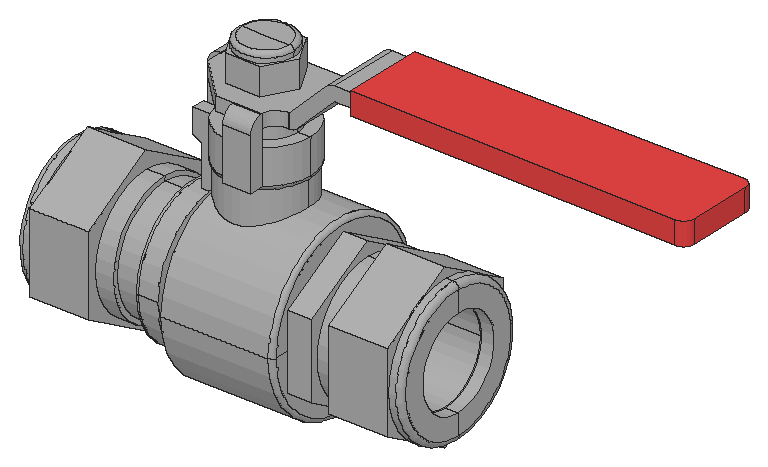
Revit family "QA10900000", category Apparecchi idraulici, Revit 2016
Family settings
  Tipo di parte = Normale
  Quota connettore circolare = Usa diametro
  Numero OmniClass = 23.45.00.00
  Titolo OmniClass = Sanitary, Laundry, and Cleaning Equipment
  Basato su piano di lavoro = No
  Sempre verticale = Sì
  Taglio con vuoti quando caricato = No
  Condiviso = No
  Punto di calcolo locali = No
Parameters
  URL = "https://web.cimberio.it/index.php/figura/204?subcategoria_id=42864"
  DN Model [instance] = QA10905022 : QA10905022
  DN [instance] = 22 mm
Reference planes
  plane 1 "Centro (Fronte/Retro)": y = 0
  plane 2: z = 0
  plane 3 "Centro (Sinistra/Destra)": x = 0
Dimensions and locks
  aligned and locked: level to plane 2
Nested families
  nested 1: "QA10905022" at (0, 0, 0), type <- "DN Model", type "QA10905022"
    with DN 10 mm
  nested 2: "QA10905022" at (0, 0, 0), type <- "DN Model", type "QA10905022"
    with DN 10 mm
  nested 3: "QA10905022" at (0, 0, 0), type <- "DN Model", type "QA10905022"
    with DN 10 mm
  nested 4: "QA10905022" at (0, 0, 0), type <- "DN Model", type "QA10905022"
    with DN 10 mm
  nested 5: "QA10905022" at (0, 0, 0), type <- "DN Model", type "QA10905022"
    with DN 10 mm
  nested 6: "QA10905022" at (0, 0, 0), type <- "DN Model", type "QA10905022"
    with DN 10 mm
  nested 7: "QA10905022" at (0, 0, 0), type <- "DN Model", type "QA10905022"
    with DN 10 mm
  nested 8: "QA10905022" at (0, 0, 0), type <- "DN Model", type "QA10905022"
    with DN 10 mm
  nested 9: "QA10905022" at (0, 0, 0), type <- "DN Model", type "QA10905022"
    with DN 10 mm
Connectors
  piping at (39.798, 0, 0), diameter 22, driven by "DN"
    settings: on nested 1, index 1, connector inside diameter 609.6 mm, connector length 0 mm, flow factor 0, pipe flow 0.0 L/s, pressure drop 0.0 Pa, fitting loss kfactor 0, connector angle 0.00°, fixture units 0, engagement length 0 mm, angle of deflection 0.00°, flow configuration 0, flow direction 0, fitting loss method 0, system type 7, joint type 0, gender type 0, connector reference index -1, connector utility 0, adjustable connector no, is connector primary yes, connector description ""
  piping at (-39.7, 0, 0), diameter 22, driven by "DN"
    settings: on nested 1, index 2, connector inside diameter 609.6 mm, connector length 0 mm, flow factor 0, pipe flow 0.0 L/s, pressure drop 0.0 Pa, fitting loss kfactor 0, connector angle 0.00°, fixture units 0, engagement length 0 mm, angle of deflection 0.00°, flow configuration 0, flow direction 0, fitting loss method 0, system type 7, joint type 0, gender type 0, connector reference index -1, connector utility 0, adjustable connector no, is connector primary no, connector description ""
Definition of nested family "QA10905022"
  Parameters (values of type "QA10905022")
    DN [instance] = 10 mm  # constant formula
  Reference planes
    plane 1 "Centro (Fronte/Retro)": y = 0
    plane 2: z = 0
    plane 3 "Centro (Sinistra/Destra)": x = 0
  Forms (mm)
    Revolve 1, solid
      sketch origin (0, 0, 0) x (1, 0, 0) y (0, 1, 0)
        loop
          line (-16.5, 10) -> (17.1, 10) -> (17.1, 18.5)
          arc (17.1, 18.5) -> (16.807, 19.207) -> (16.1, 19.5) r 1
          line (16.1, 19.5) -> (-7.75, 19.5) -> (-11.25, 16) -> (-15.5, 16)
          arc (-15.5, 16) -> (-16.207, 15.707) -> (-16.5, 15) r 1
          line (-16.5, 15) -> (-16.5, 10)
        axis (-16.5, 0) -> (17.1, 0)
      angle from 0 to 360
    Revolve 2, solid
      sketch origin (0, 0, 4) x (1, 0, 0) y (0, 0, 1)
        loop
          line (0.063, 29.44) -> (0.063, 11.623) -> (9.5, 11.623) -> (9.5, 21)
          arc (9.5, 21) -> (9.863, 21.294) -> (10, 21.742) r 0.8
          line (10, 21.742) -> (10, 29.44) -> (0.063, 29.44)
        axis (0.063, 11.623) -> (0.063, 29.44)
      angle from 0 to 360
    Extrusion 3, solid
      sketch origin (0, 0, 4) x (1, 0, 0) y (0, 0, 1)
        loop
          line (-15, 27.274) -> (-15, 22) -> (-13, 20.845) -> (-13, 10.345) -> (-7.86, 10.345) -> (-7.86, 27.274) -> (-15, 27.274)
      from -1.5 to 1.5
    Revolve 4, solid
      sketch origin (0, 0, 4) x (1, 0, 0) y (0, 0, 1)
        loop
          line (0, 35.242) -> (-6.985, 35.242) -> (-6.985, 29.321) -> (0, 29.321) -> (0, 35.242)
        axis (0, 35.242) -> (0, 29.321)
      angle from 0 to 360
    Revolve 5, solid
      sketch origin (0, 0, 0) x (1, 0, 0) y (0, 0, 1)
        loop
          line (-17.5, 13.25) -> (-22.5, 13.25) -> (-22.5, 14.25) -> (-28.583, 14.25) -> (-28.583, 10) -> (-16.5, 10) -> (-16.5, 14.25)
          arc (-16.5, 14.25) -> (-16.793, 13.543) -> (-17.5, 13.25) r 1
        axis (-16.5, 0) -> (-28.583, 0)
      angle from 0 to 360
    Extrusion 6, solid
      sketch origin (-11, 0, 0) x (0, 0, 1) y (0, 1, 0)
        loop
          circle (0, 0) r 10
        loop
          line (18, 0) -> (8.762, 16) -> (-8.762, 16) -> (-18, 0) -> (-8.762, -16) -> (8.762, -16) -> (18, 0)
      from 15.7 to 28.7
    Revolve 7, solid
      sketch origin (0, 0, 0) x (1, 0, 0) y (0, 0, 1)
        loop
          line (-39.7, 15.85) -> (-41.45, 15.85)
          arc (-41.45, 15.85) -> (-42.334, 15.484) -> (-42.7, 14.6) r 1.25
          line (-42.7, 14.6) -> (-42.7, 10) -> (-39.7, 10) -> (-39.7, 15.85)
        axis (-42.7, 0) -> (-39.7, 0)
      angle from 0 to 360
    Extrusion 8, solid
      sketch origin (-11, 0, 0) x (0, 0, 1) y (0, 1, 0)
        loop
          circle (0, 0) r 10
        loop
          line (17.25, 0) -> (8.301, 15.5) -> (-8.301, 15.5) -> (-17.25, 0) -> (-8.301, -15.5) -> (8.301, -15.5) -> (17.25, 0)
      from -33.6 to -28.1
    Extrusion 9, solid
      sketch origin (11.098, 0, 0) x (0, 0, 1) y (0, -1, 0)
        loop
          circle (0, 0) r 10
        loop
          line (18, 0) -> (8.762, 16) -> (-8.762, 16) -> (-18, 0) -> (-8.762, -16) -> (8.762, -16) -> (18, 0)
      from 15.7 to 28.7
    Revolve 10, solid
      sketch origin (0.098, 0, 0) x (-1, 0, 0) y (0, 0, -1)
        loop
          line (-39.7, -15.85) -> (-39.7, -10) -> (-42.7, -10) -> (-42.7, -14.6)
          arc (-42.7, -14.6) -> (-42.334, -15.484) -> (-41.45, -15.85) r 1.25
          line (-41.45, -15.85) -> (-39.7, -15.85)
        axis (-42.7, 0) -> (-39.7, 0)
      angle from 0 to 360
    Revolve 11, solid
      sketch origin (0, 0, 0) x (1, 0, 0) y (0, 0, 1)
        loop
          line (22.6, 14.25) -> (22.6, 10) -> (26.798, 10) -> (26.798, 14.25) -> (22.6, 14.25)
        axis (22.6, 0) -> (26.798, 0)
      angle from 0 to 360
    Extrusion 12, solid
      sketch origin (0, 0, 0) x (1, 0, 0) y (0, 0, 1)
        loop
          line (11.5, 42.2) -> (11.5, 39.2)
          arc (11.5, 39.2) -> (12.649, 39.429) -> (13.623, 40.081) r 3
          line (13.623, 40.081) -> (21.743, 48.2) -> (25.997, 48.2) -> (25.997, 51.2) -> (21.745, 51.2)
          arc (21.745, 51.2) -> (20.596, 50.972) -> (19.621, 50.321) r 3
          line (19.621, 50.321) -> (11.5, 42.2)
      from -8 to 8
    Extrusion 13, solid
      sketch origin (0, 0, 28.55) x (1, 0, 0) y (0, 1, 0)
        loop
          line (-11.199, 8) -> (-11.199, -2.301) -> (-2.301, -11.199) -> (8, -11.199)
          arc (8, -11.199) -> (8.991, -8.769) -> (11.5, -8) r 3.06
          line (11.5, -8) -> (11.5, 8) -> (-11.199, 8)
      from 10.649 to 13.65
    Extrusion 14, solid
      sketch origin (0, 0, 0) x (1, 0, 0) y (0, 0, 1)
        loop
          arc (-11.199, 42.2) -> (-13.321, 41.321) -> (-14.2, 39.199) r 3.001
          line (-14.2, 39.199) -> (-14.2, 27.769) -> (-11.199, 27.769) -> (-11.199, 42.2)
      from -8 to -1.5
    Extrusion 15, solid
      sketch origin (0, 0, 28.55) x (1, 0, 0) y (0, 1, 0)
        loop
          line (-7.534, 0) -> (-3.767, -6.525) -> (3.767, -6.525) -> (7.534, 0) -> (3.767, 6.525) -> (-3.767, 6.525) -> (-7.534, 0)
      from 13.65 to 19.65
    Revolve 16, solid
      sketch origin (0, 0, 0) x (1, 0, 0) y (0, 0, 1)
        loop
          arc (6.25, 49.2) -> (5.957, 49.907) -> (5.25, 50.2) r 1
          line (5.25, 50.2) -> (0, 50.2) -> (0, 48.2) -> (6.25, 48.2) -> (6.25, 49.2)
        axis (0, 50.2) -> (0, 48.2)
      angle from 0 to 360
    Extrusion 17, solid
      sketch origin (-11, 0, 0) x (0, 0, 1) y (0, 1, 0)
        loop
          line (42.2, -11.199) -> (27.698, -11.199) -> (27.698, -14.2) -> (39.199, -14.2)
          arc (39.199, -14.2) -> (41.321, -13.321) -> (42.2, -11.199) r 3.001
      from -19 to -12.7
    Extrusion 18, solid
      sketch origin (0, 0, 28.55) x (1, 0, 0) y (0, 1, 0)
        loop
          line (25.997, 9) -> (25.997, -9) -> (98.499, -9.505)
          arc (98.499, -9.505) -> (100.266, -8.773) -> (100.997, -7.006) r 2.499
          line (100.997, -7.006) -> (100.997, 6.989)
          arc (100.997, 6.989) -> (100.26, 8.769) -> (98.48, 9.506) r 2.517
          line (98.48, 9.506) -> (25.997, 9)
      from 18.65 to 23.65
  Dimensions and locks
    aligned and locked: level to plane 2
